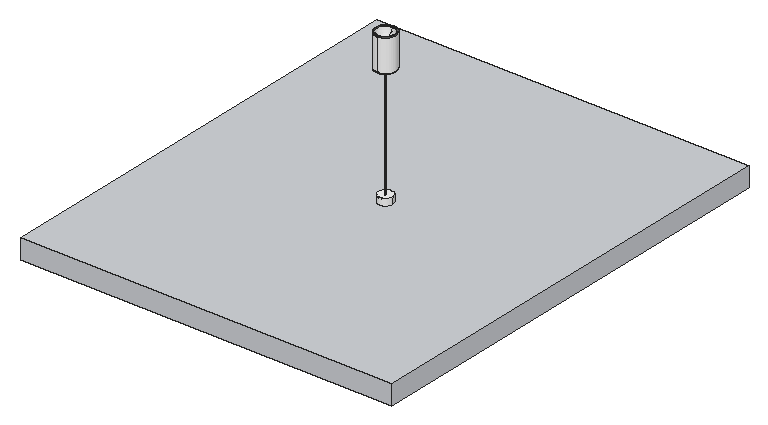
Revit family "Zumtobel ONICO-P L", category Lighting Fixtures, host Face, Revit 2014
Parameters (values of type "ONIC-P L BS AN")
  Width = 132.00 mm  # constant formula
  Wattage = 27.6016 W
  built-in parameter 1150110 = 1 (stored number, unit not read)
  Voltage = 230 V
  URL = "http://www.zumtobel.com/60510326"
  Type Comments = "© Zumtobel. We reserve the right to make technical changes without prior notice."  # constant formula
  Track Connection = no
  built-in parameter 1114217 = 1 (stored number, unit not read)
  Tilt Angle = 90.00°
  built-in parameter 1150109 = 1 (stored number, unit not read)
  built-in parameter 1150134 = 12
  Tecton Track = no
  Suspension Value [instance] = if(Suspension Height < 260.00 mm, 260.00 mm, if(Suspension Height > 2500.00 mm, 2500.00 mm, Suspension Height))  # 1000.00 mm
  Suspension Height [instance] = 1000.00 mm
  Suspension [instance] = Zumtobel_Metal_White
  built-in parameter 1150113 = 1 (stored number, unit not read)
  Photometric Web File = "ST8827.IES"
  Pendant = yes
  Model = "60510326"
  Manufacturer = "Zumtobel Lighting"  # constant formula
  built-in parameter 1150105 = 326.27 (stored number, unit not read)
  Lumens = 4100 lm
  built-in parameter 1150115 = 1 (stored number, unit not read)
  built-in parameter 1150137 = (empty or 0)
  built-in parameter 1150139 = (empty or 0)
  Length = 132.00 mm
  built-in parameter 1150112 = 1 (stored number, unit not read)
  built-in parameter 1150114 = 1 (stored number, unit not read)
  Lamp = "LED"
  built-in parameter 1150132 = 2
  built-in parameter 1150102 = (empty or 0)
  built-in parameter 1150107 = 4000 (stored number, unit not read)
  built-in parameter 1150138 = (empty or 0)
  built-in parameter 1150106 = 3.2627 (stored number, unit not read)
  Height = 216.00 mm
  Emit from Circle Diameter = 117.00 mm  # constant formula
  Emit Shape Visible in Rendering = no
  built-in parameter 1150104 = 13.8 (stored number, unit not read)
  Dimming Lamp Color Temperature Shift = <None>
  Description = " ONICO L Pendant Luminaire"  # constant formula
  Cover [instance] = Zumtobel_Lamp_Self_llumination_Opaque
  Color Filter = 16777215
  built-in parameter 1114216 [instance] = (empty or 0)
  Body [instance] = Zumtobel_Metal_White
  built-in parameter 1114218 = 1 (stored number, unit not read)
  built-in parameter 1150133 = 10 (stored number, unit not read)
  Apparent Load = 58 VA
  Default Elevation = 0.00 mm
  Assembly Code = "D5020200"
  3CV Track = no
Types (3, lengths in mm): name | Wattage | URL | Track Connection | built-in parameter 1150134 | Tecton Track | Photometric Web File | Pendant | Model | built-in parameter 1150105 | Lumens | Length | built-in parameter 1150107 | built-in parameter 1150106 | Height | Apparent Load | 3CV Track
  ONIC-P L BS AN | 27.6016 W | "http://www.zumtobel.com/60510326" | no | 12 | no | "ST8827.IES" | yes | "60510326" | 326.27 (stored number, unit not read) | 4100 lm | 132.00 | 4000 (stored number, unit not read) | 3.2627 (stored number, unit not read) | 216.00 | 58 VA | no
  ONIC-P L SCR 3CU | 16.8303 W | "http://www.zumtobel.com/60510348" | yes | (empty or 0) | no | "ST9026.IES" | no | "60510348" | 198.94 (stored number, unit not read) | 2500 lm | 132.00 | 2400 (stored number, unit not read) | 1.9894 (stored number, unit not read) | 216.00 | 36 VA | yes
  ONIC-P L BS TEC | 27.6016 W | "http://www.zumtobel.com/60510330" | yes | 12 | yes | "ST8827.IES" | no | "60510330" | 326.27 (stored number, unit not read) | 4100 lm | 162.00 | 4000 (stored number, unit not read) | 3.2627 (stored number, unit not read) | 235.00 | 36 VA | no
Reference planes
  plane 1 "Top": z = 0
  plane 2 "Center (Left/Right)": x = 0
  plane 3 "Center (Front/Back)": y = -11.001
  plane 4 "Back Cover": z = 0
  plane 5 "Top Body": z = 1000
  plane 6: z = 41
  plane 7: z = 784
  plane 8: z = 16.928
  plane 9: z = 99.928
Forms (mm)
  Extrusion 1, solid
    sketch origin (0, 0, 0) x (1, 0, 0) y (0, 1, 0)
      loop
        line (-1219.2, 1439.2) -> (-1219.2, -1480.8) -> (1219.2, -1480.8) -> (1219.2, 1439.2) -> (-1219.2, 1439.2)
    from 0 to -127.877
  Extrusion 2, solid, material "Zumtobel_Metal_White" <- "Body", visible <- "Pendant"
    sketch origin (0, 0, 0) x (1, 0, 0) y (0, 1, 0)
      loop
        circle (0, -11.001) r 46.5
    from 0 to 41
  Extrusion 3, solid, material "Zumtobel_Metal_White" <- "Suspension", visible <- "Pendant"
    sketch origin (0, 0, 85) x (1, 0, 0) y (0, 1, 0)
      loop
        circle (0, -11.001) r 3
    from -44 to 699
  Revolve 4, solid, material "Zumtobel_Metal_White" <- "Body"
    sketch origin (0, 0, 0) x (0, 1, 0) y (0, 0, 1)
      loop
        line (-11.001, 784) -> (54.999, 784) -> (54.999, 786.5) -> (52.499, 786.5) -> (52.499, 789) -> (54.999, 789) -> (54.999, 995) -> (52.499, 995) -> (52.499, 997.5) -> (54.999, 997.5) -> (54.999, 1000) -> (47.499, 1000) -> (47.499, 997.5)
        arc (47.499, 997.5) -> (31.525, 963.955) -> (3.999, 939) r 95.894
        line (3.999, 939) -> (-11.001, 939) -> (-11.001, 784)
      axis (-11.001, 1000) -> (-11.001, 784)
    angle from 0 to 360
  Extrusion 5, solid, material "Zumtobel_Metal_White" <- "Body", visible <- "3CV Track"
    sketch origin (0, 0, 0) x (1, 0, 0) y (0, 1, 0)
      loop
        arc (-10.554, 5.999) -> (-20.554, -11.001) -> (-10.554, -28.001) r 19.45
        line (-10.554, -28.001) -> (45, -28.001)
        arc (45, -28.001) -> (62, -11.001) -> (45, 5.999) r 17
        line (45, 5.999) -> (-10.554, 5.999)
    from 0 to 16.928
  Extrusion 6, solid, material "Zumtobel_Metal_White" <- "Body", visible <- "3CV Track"
    sketch origin (0, 0, 0) x (1, 0, 0) y (0, 1, 0)
      loop
        arc (-18.832, -3.001) -> (-20.554, -11.001) -> (-18.832, -19.001) r 19.45
        line (-18.832, -19.001) -> (45, -19.001) -> (45, -3.001) -> (-18.832, -3.001)
    from 0 to -25
  Extrusion 7, solid, material "Zumtobel_Metal_White" <- "Suspension", visible <- "Track Connection"
    sketch origin (0, 0, 85) x (1, 0, 0) y (0, 1, 0)
      loop
        circle (0, -11.001) r 15
    from -68.072 to 14.928
  Extrusion 8, solid, material "Zumtobel_Metal_White" <- "Suspension", visible <- "Track Connection"
    sketch origin (0, 0, 55) x (1, 0, 0) y (0, 1, 0)
      loop
        circle (0, -11.001) r 3
    from 44.928 to 729
  Extrusion 9, solid, material "Zumtobel_Metal_White" <- "Suspension", visible <- "Tecton Track"
    sketch origin (0, 0, 0) x (0, 1, 0) y (0, 0, 1)
      loop
        line (16.999, 16.928) -> (-39.001, 16.928) -> (-41.001, 18.928) -> (-41.001, 4.928) -> (-35.468, 4.928) -> (-35.468, -6.078) -> (-32.811, -6.078) -> (-32.811, 0) -> (10.809, 0) -> (10.809, -6.078) -> (13.467, -6.078) -> (13.467, 4.928) -> (18.999, 4.928) -> (18.999, 18.928) -> (16.999, 16.928)
    from -124 to 124
Dimensions and locks
  "Suspension Value": plane 5 "Top Body" to plane 1 "Top"
  locked: plane 6 to plane 1 "Top" at 41
  locked: plane 5 "Top Body" to plane 7 at 216
  plane 9 to plane 8 to plane 1 "Top" = 83.00 mm locked, 16.928 mm locked
  aligned and locked: plane 1 "Top" to Extrusion 1
  aligned and locked: level to Extrusion 1
  aligned: imposter light to plane 2 "Center (Left/Right)"
  aligned: imposter light to plane 3 "Center (Front/Back)"
  aligned and locked: imposter light to plane 5 "Top Body"
  aligned and locked: imposter light to plane 2 "Center (Left/Right)"
  aligned and locked: plane 6 to Extrusion 2
  aligned and locked: plane 7 to Extrusion 3
  aligned and locked: Extrusion 3 to plane 6
  aligned and locked: Extrusion 8 to plane 9
  aligned and locked: Extrusion 7 to plane 8
  aligned and locked: plane 9 to Extrusion 7
  aligned and locked: plane 7 to Extrusion 8
Automatic sketch dimensions
  Extrusion 1 sketch curve to Extrusion 1 sketch curve = 2438.40 mm
  Extrusion 1 sketch curve to Extrusion 1 sketch curve = 2920.00 mm
  Extrusion 2 sketch curve to plane 2 "Center (Left/Right)" = 0.00 mm
  Extrusion 2 sketch curve to plane 3 "Center (Front/Back)" = 0.00 mm
  Extrusion 3 sketch curve to plane 2 "Center (Left/Right)" = 0.00 mm
  Extrusion 3 sketch curve to plane 3 "Center (Front/Back)" = 0.00 mm
  Revolve 4 sketch curve to plane 3 "Center (Front/Back)" = 0.00 mm  (x2)
  Revolve 4 sketch curve to plane 5 "Top Body" = 0.00 mm
  Revolve 4 sketch curve to plane 7 = 0.00 mm
  Revolve 4 sketch curve to plane 3 "Center (Front/Back)" = 34.425 mm
  plane 3 "Center (Front/Back)" to Revolve 4 sketch curve = 15.00 mm
  Revolve 4 sketch curve to plane 5 "Top Body" = 2.50 mm
  plane 3 "Center (Front/Back)" to Revolve 4 sketch curve = 58.50 mm
  Revolve 4 sketch curve to Revolve 4 sketch curve = 5.00 mm
  plane 7 to Revolve 4 sketch curve = 2.50 mm
  plane 3 "Center (Front/Back)" to Revolve 4 sketch curve = 63.50 mm
  Revolve 4 sketch curve to Revolve 4 sketch curve = 2.50 mm  (x5)
  Revolve 4 sketch curve to plane 5 "Top Body" = 61.00 mm
  Revolve 4 sketch curve to plane 5 "Top Body" = 5.00 mm
  Revolve 4 sketch curve to plane 7 = 88.80 mm
  plane 9 to Revolve 4 sketch curve = 15.272 mm
  Extrusion 5 sketch curve to plane 3 "Center (Front/Back)" = 0.00 mm  (x2)
  Extrusion 5 sketch curve to plane 2 "Center (Left/Right)" = 10.554 mm
  Extrusion 5 sketch curve to plane 2 "Center (Left/Right)" = 1.104 mm
  Extrusion 5 sketch curve to plane 3 "Center (Front/Back)" = 17.00 mm
  plane 2 "Center (Left/Right)" to Extrusion 5 sketch curve = 45.00 mm
  Extrusion 6 sketch curve to plane 3 "Center (Front/Back)" = 0.00 mm
  plane 3 "Center (Front/Back)" to Extrusion 6 sketch curve = 8.00 mm
  Extrusion 6 sketch curve to plane 2 "Center (Left/Right)" = 18.832 mm
  Extrusion 6 sketch curve to plane 3 "Center (Front/Back)" = 8.00 mm
  Extrusion 6 sketch curve to plane 2 "Center (Left/Right)" = 1.104 mm
  plane 2 "Center (Left/Right)" to Extrusion 6 sketch curve = 45.00 mm
  Extrusion 7 sketch curve to plane 2 "Center (Left/Right)" = 0.00 mm
  Extrusion 7 sketch curve to plane 3 "Center (Front/Back)" = 0.00 mm
  Extrusion 8 sketch curve to plane 2 "Center (Left/Right)" = 0.00 mm
  Extrusion 8 sketch curve to plane 3 "Center (Front/Back)" = 0.00 mm
  Extrusion 9 sketch curve to plane 9 = 81.00 mm
  Extrusion 9 sketch curve to plane 3 "Center (Front/Back)" = 30.00 mm
  Extrusion 9 sketch curve to Extrusion 9 sketch curve = 2.00 mm  (x4)
  Extrusion 9 sketch curve to Extrusion 9 sketch curve = 5.532 mm
  Extrusion 9 sketch curve to Extrusion 9 sketch curve = 2.658 mm  (x2)
  Extrusion 9 sketch curve to plane 6 = 47.078 mm  (x2)
  plane 3 "Center (Front/Back)" to Extrusion 9 sketch curve = 21.81 mm
  Extrusion 9 sketch curve to Extrusion 9 sketch curve = 3.532 mm
  Extrusion 9 sketch curve to Extrusion 9 sketch curve = 6.078 mm
  Extrusion 9 sketch curve to Extrusion 9 sketch curve = 4.928 mm  (x2)
  radius of Extrusion 2 sketch curve = 46.50 mm
  radius of Extrusion 3 sketch curve = 3.00 mm
  radius of Extrusion 7 sketch curve = 15.00 mm
  radius of Extrusion 8 sketch curve = 3.00 mm
Connectors
  electrical at (0, -11.001, 0), driven by "Voltage", driven by "Apparent Load"
    settings: on Extrusion 2, index 1, voltage 230 V, apparent load 58 VA, apparent load phase1 0 VA, apparent load phase2 0 VA, apparent load phase3 0 VA, power factor 1, load classification "Lighting", number of poles 1, system type 30, power factor state 1, is connector primary yes, connector utility no, sub classification motor no, connector description "Power"
